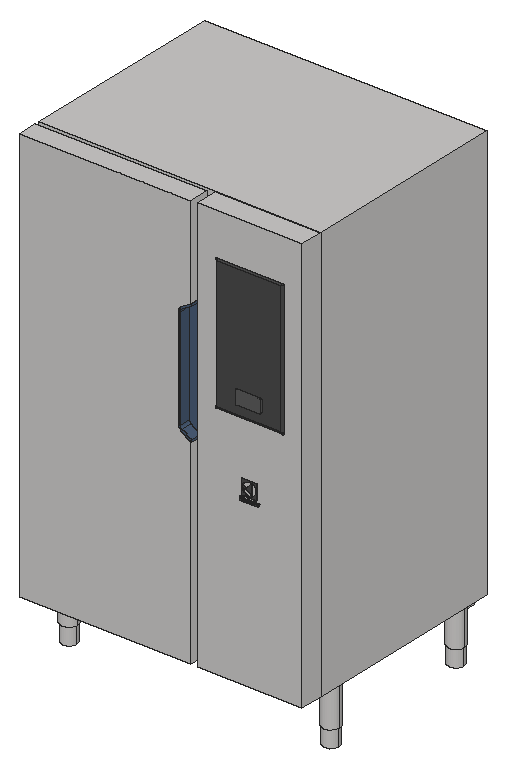
Revit family "QF_ELECTROLUXPROFESSIONAL_727822_EBCA21RE", category Specialty Equipment, Revit 2018
Family settings
  Round Connector Dimension = Use Diameter
  Part Type = Normal
  Work Plane-Based = No
  Always vertical = Yes
  Cut with Voids When Loaded = No
  Shared = No
  Room Calculation Point = No
Parameters
  Weight = 0.00 kg
  Watts = 0 W
  Volts = 380 V
  URL Manufacturer = "http://professional.electrolux.com"
  URL = "http://professional.electrolux.com"
  Steam Supply Size = 0 mm
  Steam Supply Minimum Pressure = 0.0 Pa
  Steam Supply Maximum Pressure = 0.0 Pa
  Steam Pounds per Hour = 0
  Show Logo [instance] = yes
  Show Clearance [instance] = yes
  Refrigeration Suction Line Size = 0 mm
  Refrigeration Liquid Line Size = 0 mm
  Refrigerant Compressor Remote = yes
  Manufacturer = "Electrolux"
  Phase = 3
  Model = "EBCA21RE"
  Length Actual = 1040 mm  # constant formula
  Item Number = "727822"
  Hot Water Size = 0 mm
  Height Actual = 1741 mm  # constant formula
  HP = "4 HP"
  Gas Size = 0 mm
  Gas KW = 0
  Gas Input Pressure = 0 W
  Direct Waste Size = 12.7 mm
  Description = "SKYLINE CHILLS BLAST CHILLER 100KG 20 GN 1/1 - REMOTE REFRIGERATING UNIT"
  Depth Actual = 850 mm  # constant formula
  Cycle = 60 Hz
  Condensate Return Size = 0 mm
  Compressed Air Volume = 0.0 L/s
  Compressed Air Size = 0 mm
  Compressed Air Pressure = 0.0 Pa
  Cold Water Size = 0 mm
  Accessory = yes
Reference planes
  plane 1 "Center X": y = 129.851
  plane 2: z = 0
  plane 3 "Center Y": x = -384
  plane 4 "LEFT": x = -904
  plane 5 "BACK": y = 554.851
  plane 6 "RIGHT": x = 136
  plane 7 "FRONT": y = -295.149
  plane 8 "TOP": z = 1741
  plane 9: x = -866.5
  plane 10: y = 478.851
  plane 11: x = 98.5
  plane 12: y = -115.149
  plane 13: y = 616.851
  plane 14: y = -880.149
  plane 15: z = 210
  plane 16: x = -852
  plane 17: x = 84
  plane 18: z = 1174
Forms (mm)
  Extrusion 1, solid, material "QF_Finishes_Stainless Steel"
    sketch origin (0, 0, 1741) x (-1, 0, 0) y (0, -1, 0)
      loop
        line (904, -554.851) -> (904, 210.149) -> (-136, 210.149) -> (-136, -554.851) -> (904, -554.851)
    from 0 to -1531
  Extrusion 2, solid, material "QF_Finishes_Stainless Steel"
    sketch origin (-904, -0.954, 258.709) x (0, 1, 0) y (0, 0, 1)
      loop
        line (617.805, -10.759) -> (555.805, -10.759) -> (555.805, -142.72) -> (617.805, -142.72) -> (617.805, -10.759)
    from 572 to 941.96
  Extrusion 3, solid, material "QF_Finishes_Stainless Steel"
    sketch origin (-199.727, 554.851, 2076) x (1, 0, 0) y (0, 0, -1)
      loop
        circle (230.727, 1616) r 10.5
      loop
        circle (230.727, 1686) r 8
      loop
        circle (230.727, 1701) r 4.75
    from 0 to 90
  Extrusion 4, solid, material "QF_Finishes_Stainless Steel"
    sketch origin (0, 0, 210) x (0, -1, 0) y (-1, 0, 0)
      loop
        circle (-176.851, 270.5) r 9.5
    from 0 to 31.68
  Extrusion 5, solid, material "QF_Finishes_Stainless Steel"
    sketch origin (-642.679, -295.149, 0) x (1, 0, 0) y (0, 0, -1)
      loop
        line (369.7, -1741) -> (369.7, -1401.365) -> (333.447, -1377.283)
        arc (333.447, -1377.283) -> (327.216, -1370.436) -> (324.96, -1361.456) r 19
        line (324.96, -1361.456) -> (324.96, -986.544)
        arc (324.96, -986.544) -> (327.339, -977.083) -> (333.91, -969.873) r 20
        line (333.91, -969.873) -> (369.7, -946.15) -> (369.7, -210) -> (-261.321, -210) -> (-261.321, -1741) -> (369.7, -1741)
    from 0 to 70
  Extrusion 6, solid, material "QF_Finishes_Stainless Steel"
    sketch origin (-623, 0, 1060.038) x (1, 0, 0) y (0, 1, 0)
      loop
        line (759, -295.149) -> (759, -211.149) -> (372.993, -211.149) -> (372.993, -295.149) -> (759, -295.149)
    from 680.962 to -850.038
  Extrusion 7, solid, material "QF_Door-Drawer Clearances", visible <- "Show Clearance", detail levels coarse
    sketch origin (-623, 0, 1060.038) x (1, 0, 0) y (0, 1, 0)
      loop
        line (-246, -295.149) -> (-246, -877.649)
        arc (-246, -877.649) -> (165.972, -703.005) -> (350.021, -295.149) r 614
        line (350.021, -295.149) -> (-246, -295.149)
    from -850.038 to 680.962
  Extrusion 8, solid, material "QF_Finishes_Stainless Steel"
    sketch origin (-651.679, -235.149, 422.467) x (1, 0, 0) y (0, 0, -1)
      loop
        line (333.96, -564.076) -> (333.96, -938.989)
        arc (333.96, -938.989) -> (336.216, -947.969) -> (342.447, -954.816) r 19
        line (342.447, -954.816) -> (378.7, -978.898) -> (378.7, -523.683) -> (342.91, -547.406)
        arc (342.91, -547.406) -> (336.339, -554.616) -> (333.96, -564.076) r 20
    from -21 to 10
  Extrusion 9, solid, material "QF_Finishes_Electrolux_Blue"
    sketch origin (-651.679, -295.149, 422.467) x (-1, 0, 0) y (0, 0, -1)
      loop
        line (-378.7, -978.898) -> (-342.447, -954.816)
        arc (-342.447, -954.816) -> (-336.216, -947.969) -> (-333.96, -938.989) r 19
        line (-333.96, -938.989) -> (-333.96, -564.076)
        arc (-333.96, -564.076) -> (-336.339, -554.616) -> (-342.91, -547.406) r 20
        line (-342.91, -547.406) -> (-378.7, -523.683) -> (-381.2, -523.683) -> (-381.2, -529.824) -> (-346.501, -552.824)
        arc (-346.501, -552.824) -> (-342.066, -557.691) -> (-340.46, -564.076) r 13.5
        line (-340.46, -564.076) -> (-340.46, -938.989)
        arc (-340.46, -938.989) -> (-341.944, -944.897) -> (-346.043, -949.401) r 12.5
        line (-346.043, -949.401) -> (-381.2, -972.755) -> (-381.2, -978.898) -> (-378.7, -978.898)
    from -39 to 1
  Extrusion 10, void
    sketch origin (-904, -210.149, 1741) x (-1, 0, 0) y (0, 0, 1)
      loop
        line (-600.7, -65.802) -> (-600.7, -1517.802) -> (-46.5, -1517.802) -> (-46.5, -65.802) -> (-600.7, -65.802)
    from 0 to 704
  Extrusion 11, solid, material "QF_Door-Drawer Clearances", visible <- "Show Clearance", detail levels coarse
    sketch origin (-939, -461.949, 0) x (0, -1, 0) y (0, 0, -1)
      loop
        line (415.7, -1741) -> (415.7, -1401.365) -> (379.447, -1377.283)
        arc (379.447, -1377.283) -> (373.216, -1370.436) -> (370.96, -1361.456) r 19
        line (370.96, -1361.456) -> (370.96, -986.544)
        arc (370.96, -986.544) -> (373.339, -977.083) -> (379.91, -969.873) r 20
        line (379.91, -969.873) -> (415.7, -946.15) -> (415.7, -210) -> (-166.8, -210) -> (-166.8, -1741) -> (415.7, -1741)
    from 0 to 70
  Extrusion 12, solid, material "QF_Door-Drawer Clearances", visible <- "Show Clearance", detail levels coarse
    sketch origin (-879, -452.949, 422.467) x (0, -1, 0) y (0, 0, -1)
      loop
        line (379.96, -564.076) -> (379.96, -938.989)
        arc (379.96, -938.989) -> (382.216, -947.969) -> (388.447, -954.816) r 19
        line (388.447, -954.816) -> (424.7, -978.898) -> (424.7, -523.683) -> (388.91, -547.406)
        arc (388.91, -547.406) -> (382.339, -554.616) -> (379.96, -564.076) r 20
    from -21 to 10
  Extrusion 13, solid, material "QF_Door-Drawer Clearances", visible <- "Show Clearance", detail levels coarse
    sketch origin (-939, -452.949, 422.467) x (0, 1, 0) y (0, 0, -1)
      loop
        line (-424.7, -978.898) -> (-388.447, -954.816)
        arc (-388.447, -954.816) -> (-382.216, -947.969) -> (-379.96, -938.989) r 19
        line (-379.96, -938.989) -> (-379.96, -564.076)
        arc (-379.96, -564.076) -> (-382.339, -554.616) -> (-388.91, -547.406) r 20
        line (-388.91, -547.406) -> (-424.7, -523.683) -> (-427.2, -523.683) -> (-427.2, -529.824) -> (-392.501, -552.824)
        arc (-392.501, -552.824) -> (-388.066, -557.691) -> (-386.46, -564.076) r 13.5
        line (-386.46, -564.076) -> (-386.46, -938.989)
        arc (-386.46, -938.989) -> (-387.944, -944.897) -> (-392.043, -949.401) r 12.5
        line (-392.043, -949.401) -> (-427.2, -972.755) -> (-427.2, -978.898) -> (-424.7, -978.898)
    from -39 to 1
  Extrusion 14, solid, material "QF_Clearance", visible <- "Show Clearance", detail levels coarse
    sketch origin (-904, 909.851, 0) x (1, 0, 0) y (0, 1, 0)
      loop
        line (0, -1205) -> (0, -355) -> (1040, -355) -> (1040, -1205) -> (1140, -1205) -> (1140, -255) -> (-100, -255) -> (-100, -1205) -> (0, -1205)
    from 0 to 1841
  Extrusion 15, solid, material "QF_Clearance", visible <- "Show Clearance", detail levels coarse
    sketch origin (-1150.39, -1542.9, 1741) x (-1, 0, 0) y (0, -1, 0)
      loop
        line (-246.39, -1247.751) -> (-1286.39, -1247.751) -> (-1286.39, -2097.751) -> (-246.39, -2097.751) -> (-246.39, -1247.751)
    from 0 to 100
Cuts and joins
  Extrusion 10 cuts Extrusion 1
  Extrusion 10 cuts Extrusion 2
  Extrusion 10 cuts Extrusion 3
  Extrusion 10 cuts Extrusion 4
  joined: Extrusion 1, Extrusion 2, Extrusion 3, Extrusion 4
  joined: Extrusion 5, Extrusion 8
  joined: Extrusion 7, Extrusion 11, Extrusion 12, Extrusion 13
  joined: Extrusion 14, Extrusion 15
Lines and regions (mm)
  symbolic lines
    curve 1: line (-904, 554.851, 1741) -> (136, 554.851, 1741)
    curve 2: line (-904, -210.149, 1741) -> (-904, 554.851, 1741)
    curve 3: line (136, -295.149, 1741) -> (-250.007, -295.149, 1741)
    curve 4: line (136, 554.851, 1741) -> (136, -295.149, 1741)
    curve 5: line (61.997, -300.149, 1741) -> (-176.003, -300.149, 1741)
    curve 6: line (-176.003, -300.149, 1741) -> (-184.003, -295.149, 1741)
    curve 7: line (61.997, -300.149, 1741) -> (69.997, -295.149, 1741)
    curve 12: line (-250.007, -295.149, 0) -> (-250.007, -210.149, 0)
    curve 13: line (-250.007, -210.149, 0) -> (-904, -210.149, 0)
    curve 14: line (-904, -225.149, 0) -> (-272.979, -225.149, 0)
    curve 15: line (-904, -295.149, 0) -> (-904, -225.149, 0)
    curve 16: line (-272.979, -295.149, 0) -> (-904, -295.149, 0)
    curve 17: line (-272.979, -225.149, 0) -> (-272.979, -295.149, 0)
    curve 18: line (-317.719, -296.149, 0) -> (-270.479, -296.149, 0)
    curve 19: line (-270.479, -296.149, 0) -> (-270.479, -256.149, 0)
    curve 20: line (-270.479, -256.149, 0) -> (-272.979, -256.149, 0)
    curve 21: line (-317.719, -296.149, 0) -> (-317.719, -295.149, 0)
    curve 26: line (20.5, 644.851, 0) -> (41.5, 644.851, 0)
    curve 27: line (41.5, 644.851, 0) -> (41.5, 554.851, 0)
    curve 28: line (20.5, 644.851, 0) -> (20.5, 554.851, 0)
    curve 29: line (20.5, 616.851, 0) -> (-332, 616.851, 0)
    curve 30: line (-332, 616.851, 0) -> (-332, 554.851, 0)
  symbolic lines, style "QF_Door-Drawer Clearances", visible <- "Show Clearance"
    curve 8: arc (-272.979, -295.149, 1741) -> (-457.028, -703.005, 1741) -> (-869, -877.649, 1741) r 614
    curve 9: line (-939, -877.649, 1741) -> (-939, -295.149, 1741)
    curve 10: line (-869, -877.649, 1741) -> (-939, -877.649, 1741)
    curve 11: line (-869, -877.649, 1741) -> (-869, -295.149, 1741)
  symbolic lines, style "QF_Door-Drawer Clearances"
    curve 22: line (-869, -877.649, 0) -> (-939, -877.649, 0)
  symbolic lines, style "QF_Clearances", visible <- "Show Clearance", detail levels coarse
    curve 23: line (-1004, 654.851, 0) -> (-1004, -295.149, 0)
    curve 24: line (236, 654.851, 0) -> (-1004, 654.851, 0)
    curve 25: line (236, -295.149, 0) -> (236, 654.851, 0)
Dimensions and locks
  equal spacing: plane 4 "LEFT", plane 3 "Center Y", plane 6 "RIGHT"
  plane 4 "LEFT" to plane 6 "RIGHT" = 1040 mm
  plane 5 "BACK" to plane 7 "FRONT" = 850 mm
  equal spacing: plane 5 "BACK", plane 1 "Center X", plane 7 "FRONT"
  plane 15 to Extrusion 3 sketch curve = 250 mm
  plane 5 "BACK" to Extrusion 4 sketch curve = 378 mm
  plane 4 "LEFT" to Extrusion 4 sketch curve = 633.5 mm
  plane 6 "RIGHT" to Extrusion 3 sketch curve = 105 mm
  plane 8 "TOP" to level = 1741 mm
  Extrusion 3 sketch curve to Extrusion 6 = 165 mm
  Extrusion 3 sketch curve to Extrusion 6 = 180 mm
  aligned and locked: level to plane 2
  aligned and locked: plane 11 to nested 2
  aligned and locked: plane 9 to nested 1
  aligned and locked: nested 1 to plane 12
  aligned and locked: nested 2 to plane 12
  aligned and locked: Extrusion 9 to Extrusion 8
  aligned and locked: nested 4 to plane 10
  aligned and locked: nested 3 to plane 10
  aligned and locked: Extrusion 13 to Extrusion 12
Automatic sketch dimensions
  Extrusion 5 sketch curve to plane 4 "LEFT" = 0 mm
  Extrusion 5 sketch curve to plane 15 = 0 mm
  Extrusion 5 sketch curve to plane 8 "TOP" = 0 mm
  plane 3 "Center Y" to Extrusion 5 sketch curve = 66.281 mm
  Extrusion 5 sketch curve to Extrusion 5 sketch curve = 8.487 mm
  Extrusion 5 sketch curve to Extrusion 5 sketch curve = 8.95 mm
  Extrusion 5 sketch curve to Extrusion 5 sketch curve = 19 mm
  Extrusion 5 sketch curve to Extrusion 5 sketch curve = 11.05 mm
  Extrusion 5 sketch curve to Extrusion 5 sketch curve = 35.79 mm
  Extrusion 5 sketch curve to Extrusion 5 sketch curve = 36.253 mm
  plane 18 to Extrusion 5 sketch curve = 227.365 mm
  Extrusion 5 sketch curve to Extrusion 5 sketch curve = 24.082 mm
  Extrusion 5 sketch curve to plane 18 = 187.456 mm
  Extrusion 5 sketch curve to Extrusion 5 sketch curve = 23.723 mm
  plane 3 "Center Y" to Extrusion 8 sketch curve = 66.281 mm
  Extrusion 8 sketch curve to Extrusion 8 sketch curve = 8.487 mm
  Extrusion 8 sketch curve to Extrusion 8 sketch curve = 8.95 mm
  Extrusion 8 sketch curve to Extrusion 8 sketch curve = 10.513 mm
  Extrusion 8 sketch curve to Extrusion 8 sketch curve = 11.05 mm
  plane 18 to Extrusion 8 sketch curve = 203.283 mm
  Extrusion 8 sketch curve to plane 18 = 187.456 mm
  Extrusion 8 sketch curve to Extrusion 8 sketch curve = 36.253 mm
  Extrusion 8 sketch curve to Extrusion 8 sketch curve = 35.79 mm
  Extrusion 8 sketch curve to Extrusion 8 sketch curve = 0 mm  (x3)
  Extrusion 8 sketch curve to Extrusion 8 sketch curve = 24.082 mm
  Extrusion 8 sketch curve to Extrusion 8 sketch curve = 23.723 mm
  Extrusion 9 sketch curve to Extrusion 9 sketch curve = 0 mm  (x4)
  plane 3 "Center Y" to Extrusion 9 sketch curve = 113.521 mm  (x2)
  Extrusion 9 sketch curve to Extrusion 9 sketch curve = 2.5 mm  (x2)
  Extrusion 9 sketch curve to Extrusion 9 sketch curve = 27.24 mm
  Extrusion 9 sketch curve to Extrusion 9 sketch curve = 28.24 mm
  Extrusion 9 sketch curve to Extrusion 9 sketch curve = 7.459 mm
  Extrusion 9 sketch curve to Extrusion 9 sketch curve = 6.917 mm
  Extrusion 9 sketch curve to Extrusion 9 sketch curve = 3.591 mm
  Extrusion 9 sketch curve to Extrusion 9 sketch curve = 3.597 mm
  Extrusion 9 sketch curve to Extrusion 9 sketch curve = 5.583 mm
  Extrusion 9 sketch curve to Extrusion 9 sketch curve = 6.5 mm
  plane 18 to Extrusion 9 sketch curve = 227.365 mm
  Extrusion 9 sketch curve to Extrusion 9 sketch curve = 6.143 mm
  Extrusion 9 sketch curve to Extrusion 9 sketch curve = 17.939 mm
  Extrusion 9 sketch curve to plane 18 = 187.456 mm
  Extrusion 9 sketch curve to Extrusion 9 sketch curve = 23 mm
  Extrusion 9 sketch curve to Extrusion 9 sketch curve = 6.141 mm
  Extrusion 10 sketch curve to Extrusion 1 = 13.198 mm
  Extrusion 1 to Extrusion 10 sketch curve = 439.3 mm
  Extrusion 10 sketch curve to Extrusion 1 = 46.5 mm
  Extrusion 10 sketch curve to Extrusion 1 = 65.802 mm
  Extrusion 11 sketch curve to plane 8 "TOP" = 0 mm
  Extrusion 11 sketch curve to plane 15 = 0 mm
  plane 7 "FRONT" to Extrusion 11 sketch curve = 0 mm
  plane 14 to Extrusion 11 sketch curve = 47.24 mm
  plane 18 to Extrusion 11 sketch curve = 203.283 mm
  Extrusion 11 sketch curve to Extrusion 11 sketch curve = 8.487 mm
  Extrusion 11 sketch curve to plane 18 = 204.127 mm
  Extrusion 11 sketch curve to Extrusion 11 sketch curve = 8.95 mm
  Extrusion 11 sketch curve to Extrusion 11 sketch curve = 19 mm
  Extrusion 11 sketch curve to Extrusion 11 sketch curve = 11.05 mm
  Extrusion 11 sketch curve to Extrusion 11 sketch curve = 35.79 mm
  Extrusion 11 sketch curve to Extrusion 11 sketch curve = 36.253 mm
  Extrusion 11 sketch curve to Extrusion 11 sketch curve = 24.082 mm
  Extrusion 11 sketch curve to Extrusion 11 sketch curve = 23.723 mm
  plane 14 to Extrusion 12 sketch curve = 47.24 mm
  Extrusion 12 sketch curve to Extrusion 12 sketch curve = 8.487 mm
  Extrusion 12 sketch curve to Extrusion 12 sketch curve = 8.95 mm
  Extrusion 12 sketch curve to Extrusion 12 sketch curve = 19 mm
  Extrusion 12 sketch curve to Extrusion 12 sketch curve = 11.05 mm
  plane 18 to Extrusion 12 sketch curve = 203.283 mm
  Extrusion 12 sketch curve to plane 18 = 187.456 mm
  Extrusion 12 sketch curve to Extrusion 12 sketch curve = 36.253 mm
  Extrusion 12 sketch curve to Extrusion 12 sketch curve = 35.79 mm
  Extrusion 12 sketch curve to Extrusion 12 sketch curve = 0 mm  (x3)
  Extrusion 12 sketch curve to Extrusion 12 sketch curve = 24.082 mm
  Extrusion 12 sketch curve to Extrusion 12 sketch curve = 23.723 mm
  Extrusion 13 sketch curve to Extrusion 13 sketch curve = 0 mm  (x4)
  Extrusion 13 sketch curve to plane 14 = 0 mm  (x2)
  Extrusion 13 sketch curve to Extrusion 13 sketch curve = 2.5 mm  (x2)
  Extrusion 13 sketch curve to Extrusion 13 sketch curve = 27.24 mm
  Extrusion 13 sketch curve to Extrusion 13 sketch curve = 28.24 mm
  Extrusion 13 sketch curve to Extrusion 13 sketch curve = 7.459 mm
  Extrusion 13 sketch curve to Extrusion 13 sketch curve = 6.917 mm
  Extrusion 13 sketch curve to Extrusion 13 sketch curve = 3.591 mm
  Extrusion 13 sketch curve to Extrusion 13 sketch curve = 3.597 mm
  Extrusion 13 sketch curve to Extrusion 13 sketch curve = 5.583 mm
  Extrusion 13 sketch curve to Extrusion 13 sketch curve = 6.5 mm
  plane 18 to Extrusion 13 sketch curve = 227.365 mm
  Extrusion 13 sketch curve to Extrusion 13 sketch curve = 6.143 mm
  Extrusion 13 sketch curve to Extrusion 13 sketch curve = 17.939 mm
  Extrusion 13 sketch curve to plane 18 = 187.456 mm
  Extrusion 13 sketch curve to Extrusion 13 sketch curve = 23 mm
  Extrusion 13 sketch curve to Extrusion 13 sketch curve = 6.141 mm
  Extrusion 7 sketch curve to plane 7 "FRONT" = 0 mm
  plane 4 "LEFT" to Extrusion 7 sketch curve = 17.818 mm
  Extrusion 7 sketch curve to plane 9 = 2.5 mm
  plane 3 "Center Y" to Extrusion 7 sketch curve = 111.021 mm
  plane 14 to Extrusion 7 sketch curve = 2.5 mm
  Extrusion 1 sketch curve to plane 5 "BACK" = 0 mm
  Extrusion 1 sketch curve to plane 6 "RIGHT" = 0 mm
  Extrusion 1 sketch curve to plane 4 "LEFT" = 0 mm
  plane 7 "FRONT" to Extrusion 1 sketch curve = 85 mm
  Extrusion 6 sketch curve to plane 7 "FRONT" = 0 mm
  Extrusion 6 sketch curve to plane 6 "RIGHT" = 0 mm
  plane 3 "Center Y" to Extrusion 6 sketch curve = 133.993 mm
  Extrusion 6 sketch curve to Extrusion 6 sketch curve = 84 mm
  Extrusion 2 sketch curve to plane 5 "BACK" = 0 mm
  Extrusion 2 sketch curve to plane 13 = 0 mm
  Extrusion 2 sketch curve to plane 15 = 94.012 mm
  plane 15 to Extrusion 2 sketch curve = 37.95 mm
  Extrusion 3 sketch curve to Extrusion 3 sketch curve = 0 mm  (x2)
  Extrusion 14 sketch curve to plane 7 "FRONT" = 0 mm  (x2)
  Extrusion 14 sketch curve to plane 6 "RIGHT" = 1140 mm
  Extrusion 14 sketch curve to Extrusion 14 sketch curve = 100 mm  (x3)
  Extrusion 14 sketch curve to plane 13 = 62 mm
  Extrusion 14 sketch curve to Extrusion 14 sketch curve = 1040 mm
  Extrusion 15 sketch curve to plane 6 "RIGHT" = 0 mm
  Extrusion 15 sketch curve to plane 4 "LEFT" = 0 mm
  Extrusion 15 sketch curve to plane 5 "BACK" = 0 mm
  Extrusion 15 sketch curve to plane 7 "FRONT" = 0 mm
  curve 23 to plane 7 "FRONT" = 0 mm
  curve 15 to plane 4 "LEFT" = 0 mm
  curve 13 to plane 4 "LEFT" = 0 mm
  curve 30 to plane 5 "BACK" = 0 mm
  curve 29 to plane 13 = 0 mm
  curve 21 to plane 7 "FRONT" = 0 mm
  curve 12 to plane 7 "FRONT" = 0 mm
  curve 28 to plane 5 "BACK" = 0 mm
  curve 27 to plane 5 "BACK" = 0 mm
  curve 25 to plane 7 "FRONT" = 0 mm
  plane 13 to curve 24 = 38 mm
  curve 24 to plane 4 "LEFT" = 100 mm
  curve 18 to plane 7 "FRONT" = 1 mm
  plane 3 "Center Y" to curve 18 = 66.281 mm
  curve 21 to curve 17 = 44.74 mm
  curve 16 to curve 19 = 2.5 mm
  curve 14 to curve 12 = 22.972 mm
  plane 13 to curve 26 = 28 mm
  curve 26 to plane 17 = 63.5 mm
  curve 26 to curve 27 = 21 mm
  plane 6 "RIGHT" to curve 24 = 100 mm
  plane 7 "FRONT" to curve 19 = 39 mm
  plane 7 "FRONT" to curve 15 = 70 mm
  curve 14 to curve 12 = 15 mm
  plane 14 to curve 22 = 2.5 mm
  curve 22 to plane 4 "LEFT" = 35 mm
  curve 22 to plane 9 = 2.5 mm
  plane 3 "Center Y" to curve 30 = 52 mm
  curve 1 to plane 5 "BACK" = 0 mm
  curve 1 to plane 6 "RIGHT" = 0 mm
  curve 7 to plane 7 "FRONT" = 0 mm
  curve 8 to plane 7 "FRONT" = 0 mm
  curve 11 to plane 7 "FRONT" = 0 mm
  curve 2 to plane 4 "LEFT" = 0 mm
  curve 9 to plane 7 "FRONT" = 0 mm
  curve 7 to plane 7 "FRONT" = 5 mm
  curve 7 to plane 17 = 22.003 mm
  plane 3 "Center Y" to curve 6 = 207.997 mm
  curve 11 to plane 9 = 2.5 mm
  plane 4 "LEFT" to curve 8 = 17.818 mm
  plane 14 to curve 10 = 2.5 mm
  curve 10 to plane 4 "LEFT" = 35 mm
  plane 7 "FRONT" to curve 8 = 31.26 mm
  curve 7 to curve 5 = 8 mm
  curve 5 to curve 6 = 8 mm
  curve 3 to curve 8 = 22.972 mm
  curve 2 to curve 8 = 53.74 mm
  radius of Extrusion 4 sketch curve = 9.5 mm
  radius of Extrusion 3 sketch curve = 10.5 mm
  radius of Extrusion 3 sketch curve = 8 mm
  radius of Extrusion 3 sketch curve = 4.75 mm
Nested families
  nested 1: "Foot_Complete" at (-866.5, -115.149, 0), type "Foot_Complete"
    with H 210 mm
  nested 2: "Foot_Complete" at (98.5, -115.149, 0), type "Foot_Complete"
    with H 210 mm
  nested 3: "Foot_Complete" at (84, 478.851, 0), type "Foot_Complete"
    with H 210 mm
  nested 4: "Foot_Complete" at (-852, 478.851, 0), type "Foot_Complete"
    with H 210 mm
  nested 5: "ELX_Touch" at (-57.003, -295.149, 1337) x (-1, 0, 0) z (0, -1, 0), type "ELX_Touch"
  nested 6: "ELX_Logo_S_New" at (-57.003, -295.149, 824) x (1, 0, 0) z (0, -1, 0), visible <- "Show Logo", type "ELX_Logo_S_New"
    with M QF_Finishes_Black
  nested 7: "ELX_Logo_Symbol" at (-57.003, -295.149, 864) x (-1, 0, 0) z (0, -1, 0), visible <- "Show Logo", type "ELX_Logo_Symbol"
    with M QF_Finishes_Black
Connectors
  electrical at (31, 644.851, 460), driven by "Volts"
    settings: on Extrusion 3, index 5, voltage 380 V, apparent load 0 VA, apparent load phase1 0 VA, apparent load phase2 0 VA, apparent load phase3 0 VA, power factor 1, load classification "Altro", number of poles 1, system type 30, power factor state 1, is connector primary yes, connector utility no, sub classification motor no, connector description "Electrical Connection"
  piping at (-270.5, 176.851, 178.32), diameter 19
    settings: on cut or joined group of Extrusion 1, Extrusion 2, Extrusion 3, Extrusion 4, Extrusion 10, index 6, connector inside diameter 609.6 mm, connector length 0 mm, flow factor 0, pipe flow 0.0 L/s, pressure drop 0.0 Pa, fitting loss kfactor 0, connector angle 0.00°, fixture units 0, engagement length 0 mm, angle of deflection 0.00°, flow configuration 1, flow direction 2, fitting loss method 0, system type 16, joint type 0, gender type 0, connector reference index -1, connector utility 0, adjustable connector no, is connector primary yes, connector description "Drain"
  piping at (31, 644.851, 390), diameter 16
    settings: on cut or joined group of Extrusion 1, Extrusion 2, Extrusion 3, Extrusion 4, Extrusion 10, index 7, connector inside diameter 609.6 mm, connector length 0 mm, flow factor 0, pipe flow 0.0 L/s, pressure drop 0.0 Pa, fitting loss kfactor 0, connector angle 0.00°, fixture units 0, engagement length 0 mm, angle of deflection 0.00°, flow configuration 1, flow direction 1, fitting loss method 0, system type 8, joint type 0, gender type 0, connector reference index -1, connector utility 0, adjustable connector no, is connector primary no, connector description "Refrigerant Outlet"
  piping at (31, 644.851, 375), diameter 9.5
    settings: on cut or joined group of Extrusion 1, Extrusion 2, Extrusion 3, Extrusion 4, Extrusion 10, index 8, connector inside diameter 609.6 mm, connector length 0 mm, flow factor 0, pipe flow 0.0 L/s, pressure drop 0.0 Pa, fitting loss kfactor 0, connector angle 0.00°, fixture units 0, engagement length 0 mm, angle of deflection 0.00°, flow configuration 0, flow direction 0, fitting loss method 0, system type 7, joint type 0, gender type 0, connector reference index -1, connector utility 0, adjustable connector no, is connector primary no, connector description "Refrigerant Inlet"
Definition of nested family "Foot_Complete"
  Parameters
    R = 32 mm
    H = 150 mm
  Reference planes
    plane 1 "Centro (Fronte/Retro)": y = 0
    plane 2: z = 0
    plane 3 "Centro (Sinistra/Destra)": x = 0
    plane 4: z = 150
  Forms (mm)
    Revolve 1, solid
      sketch origin (255.05, 0, 608.09) x (0, 0, 1) y (-1, 0, 0)
        loop
          line (-608.09, 255.05) -> (-608.09, 226.55) -> (-544.09, 226.55) -> (-544.09, 223.05) -> (-458.09, 223.05) -> (-458.09, 255.05) -> (-608.09, 255.05)
        axis (-608.09, 255.05) -> (-458.09, 255.05)
      angle from 0 to 360
  Dimensions and locks
    locked: level to Revolve 1 sketch curve at 64
    "R": Revolve 1 sketch curve to plane 3 "Centro (Sinistra/Destra)"
    "H": plane 4 to level
    aligned and locked: level to plane 2
    aligned and locked: plane 4 to Revolve 1 sketch curve
    aligned and locked: Revolve 1 sketch curve to level
    aligned and locked: plane 3 "Centro (Sinistra/Destra)" to Revolve 1 sketch curve
  Automatic sketch dimensions
    Revolve 1 sketch curve to plane 3 "Centro (Sinistra/Destra)" = 0 mm
    plane 3 "Centro (Sinistra/Destra)" to Revolve 1 sketch curve = 28.5 mm
    Revolve 1 sketch curve to Revolve 1 sketch curve = 50 mm
    Revolve 1 sketch curve to Revolve 1 sketch curve = 20 mm
Definition of nested family "ELX_Touch"
  Parameters
    Default Elevation = 1219.2 mm
  Reference planes
    plane 1 "Centro (Fronte/Retro)": y = 0
    plane 2: z = 0
    plane 3 "Centro (Sinistra/Destra)": x = 0
  Forms (mm)
    Extrusion 1, solid
      sketch origin (0, 0, 0) x (1, 0, 0) y (0, 1, 0)
        loop
          line (-1219.2, 1219.2) -> (-1219.2, -1219.2) -> (1219.2, -1219.2) -> (1219.2, 1219.2) -> (-1219.2, 1219.2)
      from 0 to -304.8
    Extrusion 2, solid
      sketch origin (0, 0, 5) x (1, 0, 0) y (0, 1, 0)
        loop
          line (-47, -160) -> (-47, -202)
          arc (-47, -202) -> (-45.536, -205.535) -> (-42, -207) r 5
          line (-42, -207) -> (42, -207)
          arc (42, -207) -> (45.536, -205.535) -> (47, -202) r 5
          line (47, -202) -> (47, -160)
          arc (47, -160) -> (45.536, -156.465) -> (42, -155) r 5
          line (42, -155) -> (-42, -155)
          arc (-42, -155) -> (-45.536, -156.465) -> (-47, -160) r 5
      from 0 to 2
    Blend 3, solid
      base sketch origin (0, 0, 0) x (1, 0, 0) y (0, 1, 0)
        loop
          line (-127, 244) -> (-127, -244)
          arc (-127, -244) -> (-125.536, -247.536) -> (-122, -249) r 5
          line (-122, -249) -> (122, -249)
          arc (122, -249) -> (125.536, -247.536) -> (127, -244) r 5
          line (127, -244) -> (127, 244)
          arc (127, 244) -> (125.536, 247.536) -> (122, 249) r 5
          line (122, 249) -> (-122, 249)
          arc (-122, 249) -> (-125.536, 247.536) -> (-127, 244) r 5
      top sketch origin (0, 0, 0) x (1, 0, 0) y (0, 1, 0)
        loop
          line (-119, -241) -> (119, -241) -> (119, 241) -> (-119, 241) -> (-119, -241)
      from 0 to 5
  Lines and regions (mm)
    Split face 1
      outline origin (0, 0, 5) x (1, 0, 0) y (0, 1, 0)
        loop
          line (-70.506, 46.167) -> (70.506, 46.167) -> (70.506, 214.829) -> (-70.506, 214.829) -> (-70.506, 46.167)
    Split face 2
      outline origin (0, 0, 5) x (1, 0, 0) y (0, 1, 0)
        loop
          line (-47.467, 50.825) -> (47.467, 50.825) -> (47.467, 210.171) -> (-47.467, 210.171) -> (-47.467, 50.825)
    Split face 3
      outline origin (0, 0, 5) x (1, 0, 0) y (0, 1, 0)
        loop
          line (-70.521, -215.33) -> (70.521, -215.33) -> (70.521, -146.67) -> (-70.521, -146.67) -> (-70.521, -215.33)
    Split face 4
      outline origin (0, 0, 5) x (1, 0, 0) y (0, 1, 0)
        loop
          line (-119, 201.163) -> (-70.506, 201.163)
        loop
          line (70.506, 201.163) -> (119, 201.163)
        loop
          line (70.521, -200.849) -> (119, -200.849)
        loop
          line (-119, -200.849) -> (-70.521, -200.849)
  Dimensions and locks
    aligned and locked: plane 2 to Extrusion 1
    aligned and locked: level to Extrusion 1
Definition of nested family "ELX_Logo_S_New"
  Parameters
    Default Elevation = 0 mm
    M [instance] = none
  Reference planes
    plane 1 "Centro (Fronte/Retro)": y = 0
    plane 2: z = 0
    plane 3 "Centro (Sinistra/Destra)": x = 0
  Forms (mm)
    Extrusion 1, solid
      sketch origin (0, 0, 0) x (1, 0, 0) y (0, 1, 0)
        loop
          line (-1219.2, 1219.2) -> (-1219.2, -1219.2) -> (1219.2, -1219.2) -> (1219.2, 1219.2) -> (-1219.2, 1219.2)
      from 0 to -304.8
    Extrusion 2, solid, material <- "M"
      sketch origin (0, 0, 0) x (1, 0, 0) y (0, 1, 0)
        loop
          spline (-32.537, -4.135) -> (-32.702, -4.128) -> (-32.877, -4.105) -> (-33.059, -4.064) -> (-33.242, -4.002) -> (-33.422, -3.916) -> (-33.593, -3.803) -> (-33.751, -3.66) -> (-33.891, -3.486) -> (-34.008, -3.276) -> (-34.098, -3.029) -> (-34.155, -2.741) -> (-34.176, -2.41)
          line (-34.176, -2.41) -> (-34.176, -0.943) -> (-29.331, -0.943) -> (-29.331, 0.928) -> (-34.176, 0.928) -> (-34.176, 3.652) -> (-29.023, 3.652) -> (-29.023, 5.518) -> (-36.159, 5.518) -> (-36.159, -2.326)
          spline (-36.159, -2.326) -> (-36.142, -2.808) -> (-36.088, -3.263) -> (-35.996, -3.688) -> (-35.867, -4.083) -> (-35.698, -4.445) -> (-35.489, -4.773) -> (-35.239, -5.066) -> (-34.946, -5.322) -> (-34.61, -5.539) -> (-34.23, -5.716) -> (-33.804, -5.851) -> (-33.332, -5.943)
          line (-33.332, -5.943) -> (-32.554, -5.999) -> (-28.885, -5.999) -> (-28.885, -4.135) -> (-32.537, -4.135)
        loop
          line (-27.476, 0.076) -> (-27.476, -6.002) -> (-25.492, -6.002) -> (-25.492, 5.521) -> (-27.476, 5.521) -> (-27.476, 0.076)
        loop
          spline (-15.702, -2.321) -> (-15.689, -1.697) -> (-15.749, -1.094) -> (-15.879, -0.516) -> (-16.078, 0.029) -> (-16.341, 0.538) -> (-16.668, 1.004) -> (-17.055, 1.422) -> (-17.5, 1.786) -> (-17.999, 2.091) -> (-18.552, 2.331) -> (-19.154, 2.5) -> (-19.804, 2.594)
          spline (-19.804, 2.594) -> (-20.422, 2.558) -> (-21.009, 2.453) -> (-21.56, 2.28) -> (-22.072, 2.042) -> (-22.54, 1.743) -> (-22.96, 1.385) -> (-23.327, 0.97) -> (-23.638, 0.502) -> (-23.887, -0.018) -> (-24.07, -0.586) -> (-24.183, -1.2) -> (-24.222, -1.857)
          spline (-24.222, -1.857) -> (-24.184, -2.498) -> (-24.074, -3.097) -> (-23.895, -3.652) -> (-23.651, -4.16) -> (-23.344, -4.618) -> (-22.979, -5.023) -> (-22.559, -5.374) -> (-22.087, -5.667) -> (-21.567, -5.899) -> (-21.003, -6.068) -> (-20.397, -6.172) -> (-19.754, -6.207)
          spline (-19.754, -6.207) -> (-19.44, -6.2) -> (-19.13, -6.176) -> (-18.823, -6.135) -> (-18.52, -6.074) -> (-18.221, -5.993) -> (-17.925, -5.89) -> (-17.634, -5.762) -> (-17.346, -5.609) -> (-17.062, -5.43) -> (-16.782, -5.221) -> (-16.506, -4.983) -> (-16.234, -4.713)
          line (-16.234, -4.713) -> (-17.429, -3.55)
          spline (-17.429, -3.55) -> (-17.587, -3.702) -> (-17.745, -3.841) -> (-17.906, -3.967) -> (-18.07, -4.08) -> (-18.239, -4.181) -> (-18.415, -4.268) -> (-18.599, -4.343) -> (-18.792, -4.404) -> (-18.996, -4.452) -> (-19.213, -4.486) -> (-19.443, -4.506) -> (-19.688, -4.513)
          spline (-19.688, -4.513) -> (-20.047, -4.496) -> (-20.383, -4.443) -> (-20.696, -4.358) -> (-20.984, -4.24) -> (-21.246, -4.092) -> (-21.479, -3.915) -> (-21.683, -3.711) -> (-21.856, -3.48) -> (-21.997, -3.224) -> (-22.104, -2.945) -> (-22.176, -2.643) -> (-22.212, -2.321)
          line (-22.212, -2.321) -> (-15.702, -2.321)
        loop
          spline (-17.695, -0.926) -> (-17.714, -0.681) -> (-17.771, -0.445) -> (-17.861, -0.221) -> (-17.984, -0.01) -> (-18.135, 0.184) -> (-18.314, 0.36) -> (-18.516, 0.516) -> (-18.741, 0.648) -> (-18.984, 0.755) -> (-19.244, 0.834) -> (-19.518, 0.883) -> (-19.804, 0.9)
          spline (-19.804, 0.9) -> (-20.11, 0.884) -> (-20.405, 0.835) -> (-20.686, 0.757) -> (-20.95, 0.652) -> (-21.195, 0.521) -> (-21.419, 0.367) -> (-21.618, 0.192) -> (-21.79, -0.003) -> (-21.934, -0.214) -> (-22.045, -0.439) -> (-22.122, -0.678) -> (-22.162, -0.926)
          line (-22.162, -0.926) -> (-17.695, -0.926)
        loop
          spline (-12.669, -1.807) -> (-12.646, -1.438) -> (-12.58, -1.088) -> (-12.472, -0.759) -> (-12.326, -0.455) -> (-12.145, -0.177) -> (-11.93, 0.072) -> (-11.685, 0.289) -> (-11.412, 0.473) -> (-11.114, 0.62) -> (-10.793, 0.728) -> (-10.453, 0.794) -> (-10.095, 0.817)
          spline (-10.095, 0.817) -> (-9.876, 0.81) -> (-9.665, 0.79) -> (-9.464, 0.756) -> (-9.271, 0.709) -> (-9.086, 0.65) -> (-8.908, 0.578) -> (-8.737, 0.495) -> (-8.572, 0.399) -> (-8.414, 0.292) -> (-8.261, 0.173) -> (-8.113, 0.044) -> (-7.969, -0.096)
          line (-7.969, -0.096) -> (-6.741, 1.183)
          spline (-6.741, 1.183) -> (-6.985, 1.427) -> (-7.237, 1.647) -> (-7.496, 1.843) -> (-7.762, 2.015) -> (-8.034, 2.164) -> (-8.312, 2.291) -> (-8.596, 2.397) -> (-8.886, 2.482) -> (-9.181, 2.546) -> (-9.481, 2.592) -> (-9.786, 2.619) -> (-10.095, 2.627)
          spline (-10.095, 2.627) -> (-10.715, 2.589) -> (-11.308, 2.476) -> (-11.871, 2.294) -> (-12.396, 2.046) -> (-12.88, 1.736) -> (-13.316, 1.369) -> (-13.7, 0.949) -> (-14.026, 0.48) -> (-14.289, -0.035) -> (-14.483, -0.59) -> (-14.604, -1.182) -> (-14.645, -1.807)
          spline (-14.645, -1.807) -> (-14.604, -2.431) -> (-14.483, -3.023) -> (-14.289, -3.578) -> (-14.026, -4.093) -> (-13.7, -4.562) -> (-13.316, -4.983) -> (-12.88, -5.35) -> (-12.396, -5.659) -> (-11.871, -5.907) -> (-11.308, -6.09) -> (-10.715, -6.202) -> (-10.095, -6.24)
          spline (-10.095, -6.24) -> (-9.786, -6.232) -> (-9.481, -6.205) -> (-9.181, -6.16) -> (-8.886, -6.095) -> (-8.596, -6.01) -> (-8.312, -5.904) -> (-8.034, -5.777) -> (-7.762, -5.628) -> (-7.496, -5.456) -> (-7.237, -5.26) -> (-6.985, -5.04) -> (-6.741, -4.796)
          line (-6.741, -4.796) -> (-7.969, -3.517)
          spline (-7.969, -3.517) -> (-8.113, -3.657) -> (-8.261, -3.786) -> (-8.414, -3.905) -> (-8.572, -4.012) -> (-8.737, -4.108) -> (-8.908, -4.192) -> (-9.086, -4.263) -> (-9.271, -4.323) -> (-9.464, -4.369) -> (-9.665, -4.403) -> (-9.876, -4.423) -> (-10.095, -4.43)
          spline (-10.095, -4.43) -> (-10.453, -4.408) -> (-10.793, -4.341) -> (-11.114, -4.233) -> (-11.412, -4.086) -> (-11.685, -3.902) -> (-11.93, -3.685) -> (-12.145, -3.436) -> (-12.326, -3.158) -> (-12.472, -2.854) -> (-12.58, -2.526) -> (-12.646, -2.176) -> (-12.669, -1.807)
        loop
          spline (-1.683, -4.138) -> (-1.858, -4.14) -> (-2.045, -4.127) -> (-2.24, -4.095) -> (-2.438, -4.04) -> (-2.633, -3.959) -> (-2.822, -3.85) -> (-2.998, -3.709) -> (-3.157, -3.533) -> (-3.294, -3.318) -> (-3.404, -3.061) -> (-3.483, -2.76) -> (-3.524, -2.411)
          line (-3.524, -2.411) -> (-3.524, 0.529) -> (-1.72, 0.529) -> (-1.72, 2.331) -> (-3.522, 2.331) -> (-3.522, 5.521) -> (-5.506, 5.521) -> (-5.506, -2.523)
          spline (-5.506, -2.523) -> (-5.463, -2.99) -> (-5.386, -3.429) -> (-5.274, -3.839) -> (-5.126, -4.218) -> (-4.941, -4.564) -> (-4.717, -4.877) -> (-4.455, -5.155) -> (-4.153, -5.396) -> (-3.81, -5.599) -> (-3.425, -5.762) -> (-2.998, -5.884) -> (-2.528, -5.964)
          line (-2.528, -5.964) -> (-1.69, -6.002) -> (-1.683, -4.138)
        loop
          spline (4.991, 2.446) -> (4.648, 2.468) -> (4.318, 2.461) -> (4.001, 2.429) -> (3.699, 2.371) -> (3.413, 2.288) -> (3.142, 2.182) -> (2.89, 2.052) -> (2.655, 1.901) -> (2.439, 1.728) -> (2.244, 1.535) -> (2.069, 1.322) -> (1.917, 1.091)
          line (1.917, 1.091) -> (1.917, 2.33) -> (-0.051, 2.33) -> (-0.051, -6.002) -> (1.917, -6.002) -> (1.917, -1.621)
          spline (1.917, -1.621) -> (1.935, -1.288) -> (1.988, -0.979) -> (2.075, -0.693) -> (2.195, -0.432) -> (2.345, -0.197) -> (2.526, 0.01) -> (2.736, 0.189) -> (2.972, 0.338) -> (3.235, 0.456) -> (3.522, 0.541) -> (3.832, 0.594) -> (4.165, 0.611)
          line (4.165, 0.611) -> (4.991, 0.529) -> (4.991, 2.446)
        loop
          spline (14.388, -1.836) -> (14.347, -1.224) -> (14.226, -0.642) -> (14.031, -0.093) -> (13.768, 0.418) -> (13.441, 0.887) -> (13.057, 1.308) -> (12.621, 1.677) -> (12.137, 1.989) -> (11.612, 2.24) -> (11.051, 2.425) -> (10.459, 2.539) -> (9.842, 2.578)
          spline (9.842, 2.578) -> (9.221, 2.539) -> (8.627, 2.425) -> (8.064, 2.24) -> (7.539, 1.989) -> (7.056, 1.677) -> (6.62, 1.308) -> (6.237, 0.887) -> (5.912, 0.418) -> (5.65, -0.093) -> (5.456, -0.642) -> (5.336, -1.224) -> (5.295, -1.836)
          spline (5.295, -1.836) -> (5.336, -2.447) -> (5.456, -3.029) -> (5.65, -3.578) -> (5.912, -4.089) -> (6.237, -4.558) -> (6.62, -4.979) -> (7.056, -5.348) -> (7.539, -5.66) -> (8.064, -5.911) -> (8.627, -6.096) -> (9.221, -6.211) -> (9.842, -6.25)
          spline (9.842, -6.25) -> (10.459, -6.211) -> (11.051, -6.096) -> (11.612, -5.911) -> (12.137, -5.66) -> (12.621, -5.348) -> (13.057, -4.979) -> (13.441, -4.558) -> (13.768, -4.089) -> (14.031, -3.578) -> (14.226, -3.029) -> (14.347, -2.447) -> (14.388, -1.836)
        loop
          spline (12.42, -1.836) -> (12.397, -1.475) -> (12.33, -1.131) -> (12.222, -0.807) -> (12.075, -0.504) -> (11.893, -0.227) -> (11.677, 0.022) -> (11.431, 0.241) -> (11.157, 0.426) -> (10.859, 0.575) -> (10.538, 0.685) -> (10.198, 0.753) -> (9.842, 0.777)
          spline (9.842, 0.777) -> (9.482, 0.753) -> (9.14, 0.685) -> (8.818, 0.575) -> (8.519, 0.426) -> (8.246, 0.241) -> (8.001, 0.022) -> (7.786, -0.227) -> (7.605, -0.504) -> (7.459, -0.807) -> (7.352, -1.131) -> (7.286, -1.475) -> (7.263, -1.836)
          spline (7.263, -1.836) -> (7.286, -2.196) -> (7.352, -2.54) -> (7.459, -2.865) -> (7.605, -3.167) -> (7.786, -3.444) -> (8.001, -3.694) -> (8.246, -3.912) -> (8.519, -4.098) -> (8.818, -4.247) -> (9.14, -4.357) -> (9.482, -4.425) -> (9.842, -4.448)
          spline (9.842, -4.448) -> (10.198, -4.425) -> (10.538, -4.357) -> (10.859, -4.247) -> (11.157, -4.098) -> (11.431, -3.912) -> (11.677, -3.694) -> (11.893, -3.444) -> (12.075, -3.167) -> (12.222, -2.865) -> (12.33, -2.54) -> (12.397, -2.196) -> (12.42, -1.836)
        loop
          line (15.608, 0.275) -> (15.608, -6.002) -> (17.593, -6.002) -> (17.593, 5.521) -> (15.608, 5.521) -> (15.608, 0.275)
        loop
          line (24.747, 2.33) -> (24.747, -2.513)
          spline (24.747, -2.513) -> (24.731, -2.828) -> (24.685, -3.112) -> (24.61, -3.366) -> (24.507, -3.59) -> (24.38, -3.785) -> (24.229, -3.952) -> (24.056, -4.091) -> (23.863, -4.203) -> (23.652, -4.29) -> (23.425, -4.35) -> (23.183, -4.386) -> (22.928, -4.398)
          spline (22.928, -4.398) -> (22.674, -4.386) -> (22.432, -4.35) -> (22.205, -4.29) -> (21.994, -4.204) -> (21.802, -4.092) -> (21.629, -3.954) -> (21.478, -3.788) -> (21.35, -3.595) -> (21.248, -3.373) -> (21.173, -3.122) -> (21.126, -2.841) -> (21.11, -2.53)
          line (21.11, -2.53) -> (21.11, 2.33) -> (19.11, 2.33) -> (19.11, -2.696)
          spline (19.11, -2.696) -> (19.145, -3.265) -> (19.248, -3.783) -> (19.413, -4.25) -> (19.636, -4.667) -> (19.912, -5.033) -> (20.236, -5.349) -> (20.603, -5.616) -> (21.008, -5.833) -> (21.446, -6.001) -> (21.913, -6.121) -> (22.403, -6.193) -> (22.912, -6.217)
          spline (22.912, -6.217) -> (23.425, -6.193) -> (23.92, -6.12) -> (24.39, -5.998) -> (24.832, -5.828) -> (25.241, -5.607) -> (25.611, -5.337) -> (25.937, -5.016) -> (26.216, -4.645) -> (26.441, -4.222) -> (26.608, -3.749) -> (26.711, -3.223) -> (26.747, -2.646)
          line (26.747, -2.646) -> (26.747, 2.33) -> (24.747, 2.33)
        loop
          line (34.253, -3.337) -> (33.002, -1.588) -> (34.551, 0.523) -> (35.878, 2.33) -> (33.713, 2.33) -> (31.91, -0.166) -> (30.092, 2.33) -> (27.943, 2.33) -> (29.175, 0.645) -> (30.82, -1.604) -> (29.096, -4.004) -> (27.662, -6.002) -> (29.794, -6.002) -> (31.91, -3.059) -> (34.027, -6.002) -> (36.159, -6.002) -> (34.253, -3.337)
      from 0 to 1.644
  Dimensions and locks
    aligned and locked: plane 2 to Extrusion 1
    aligned and locked: level to Extrusion 1
Definition of nested family "ELX_Logo_Symbol"
  Parameters
    Default Elevation = 0 mm
    M [instance] = none
  Reference planes
    plane 1 "Centro (Fronte/Retro)": y = 0
    plane 2: z = 0
    plane 3 "Centro (Sinistra/Destra)": x = 0
  Forms (mm)
    Extrusion 1, solid
      sketch origin (0, 0, 0) x (1, 0, 0) y (0, 1, 0)
        loop
          line (-1219.2, 1219.2) -> (-1219.2, -1219.2) -> (1219.2, -1219.2) -> (1219.2, 1219.2) -> (-1219.2, 1219.2)
      from 0 to -304.8
    Extrusion 2, solid, material <- "M"
      sketch origin (94.462, 558.781, 0) x (1, 0, 0) y (0, 1, 0)
        loop
          line (-101.645, -583.129) -> (-101.645, -534.543)
          arc (-101.645, -534.543) -> (-119.606, -558.836) -> (-101.645, -583.129) r 25.41
        loop
          arc (-99.174, -583.129) -> (-78.968, -578.537) -> (-69.233, -560.244) r 24.902
          line (-69.233, -560.244) -> (-77.271, -560.244)
          arc (-77.271, -560.244) -> (-91.631, -566.073) -> (-99.174, -579.611) r 23.341
          line (-99.174, -579.611) -> (-99.174, -583.129)
        loop
          arc (-99.174, -538.061) -> (-91.631, -551.599) -> (-77.271, -557.427) r 23.341
          line (-77.271, -557.427) -> (-69.233, -557.427)
          arc (-69.233, -557.427) -> (-78.952, -538.984) -> (-99.174, -533.918) r 25.553
          line (-99.174, -533.918) -> (-99.174, -538.061)
        loop
          line (-67.388, -585.781) -> (-67.388, -531.781) -> (-121.462, -531.781) -> (-121.462, -585.781) -> (-67.388, -585.781)
      from 0 to 1.644
  Dimensions and locks
    aligned and locked: plane 2 to Extrusion 1
    aligned and locked: level to Extrusion 1
